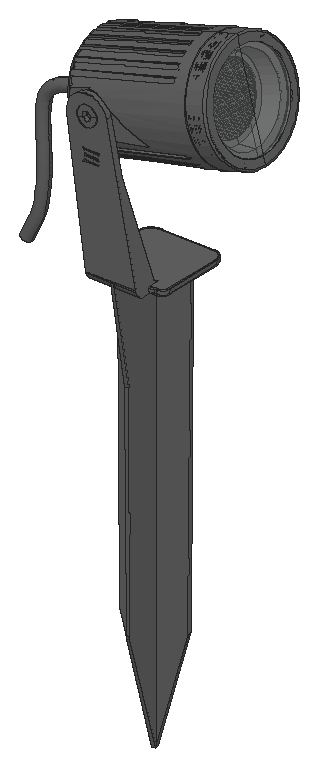
Revit family "STL23765_30 - 15°", category Luminárias, Revit 2023 (continued)
Forms (m)
  Extrusion 35, void
    sketch origin (0.0918, 0, -0.037839) x (0.258819, 0, -0.965926) y (0, 1, 0)
      loop
        line (-0.131718, 0.0015) -> (-0.132483, 0.002825) -> (-0.134013, 0.002825) -> (-0.134778, 0.0015) -> (-0.134013, 0.000175) -> (-0.132483, 0.000175) -> (-0.131718, 0.0015)
      loop
        line (-0.147307, 0.0135) -> (-0.148072, 0.014825) -> (-0.149602, 0.014825) -> (-0.150367, 0.0135) -> (-0.149602, 0.012175) -> (-0.148072, 0.012175) -> (-0.147307, 0.0135)
      loop
        line (-0.144709, 0.012) -> (-0.145474, 0.013325) -> (-0.147004, 0.013325) -> (-0.147769, 0.012) -> (-0.147004, 0.010675) -> (-0.145474, 0.010675) -> (-0.144709, 0.012)
      loop
        line (-0.142111, 0.0105) -> (-0.142876, 0.011825) -> (-0.144406, 0.011825) -> (-0.145171, 0.0105) -> (-0.144406, 0.009175) -> (-0.142876, 0.009175) -> (-0.142111, 0.0105)
      loop
        line (-0.139513, 0.009) -> (-0.140278, 0.010325) -> (-0.141808, 0.010325) -> (-0.142573, 0.009) -> (-0.141808, 0.007675) -> (-0.140278, 0.007675) -> (-0.139513, 0.009)
      loop
        line (-0.136915, 0.0075) -> (-0.13768, 0.008825) -> (-0.13921, 0.008825) -> (-0.139975, 0.0075) -> (-0.13921, 0.006175) -> (-0.13768, 0.006175) -> (-0.136915, 0.0075)
      loop
        line (-0.134316, 0.006) -> (-0.135081, 0.007325) -> (-0.136611, 0.007325) -> (-0.137376, 0.006) -> (-0.136611, 0.004675) -> (-0.135081, 0.004675) -> (-0.134316, 0.006)
      loop
        line (-0.131715, 0.004498) -> (-0.13248, 0.005823) -> (-0.13401, 0.005823) -> (-0.134775, 0.004498) -> (-0.13401, 0.003173) -> (-0.13248, 0.003173) -> (-0.131715, 0.004498)
      loop
        line (-0.144709, 0.015) -> (-0.145474, 0.016325) -> (-0.147004, 0.016325) -> (-0.147769, 0.015) -> (-0.147004, 0.013675) -> (-0.145474, 0.013675) -> (-0.144709, 0.015)
      loop
        line (-0.142111, 0.0135) -> (-0.142876, 0.014825) -> (-0.144406, 0.014825) -> (-0.145171, 0.0135) -> (-0.144406, 0.012175) -> (-0.142876, 0.012175) -> (-0.142111, 0.0135)
      loop
        line (-0.139513, 0.012) -> (-0.140278, 0.013325) -> (-0.141808, 0.013325) -> (-0.142573, 0.012) -> (-0.141808, 0.010675) -> (-0.140278, 0.010675) -> (-0.139513, 0.012)
      loop
        line (-0.136915, 0.0105) -> (-0.13768, 0.011825) -> (-0.13921, 0.011825) -> (-0.139975, 0.0105) -> (-0.13921, 0.009175) -> (-0.13768, 0.009175) -> (-0.136915, 0.0105)
      loop
        line (-0.134316, 0.009) -> (-0.135081, 0.010325) -> (-0.136611, 0.010325) -> (-0.137376, 0.009) -> (-0.136611, 0.007675) -> (-0.135081, 0.007675) -> (-0.134316, 0.009)
      loop
        line (-0.131715, 0.007498) -> (-0.13248, 0.008823) -> (-0.13401, 0.008823) -> (-0.134775, 0.007498) -> (-0.13401, 0.006173) -> (-0.13248, 0.006173) -> (-0.131715, 0.007498)
      loop
        line (-0.149909, 0.015002) -> (-0.150674, 0.016327) -> (-0.152204, 0.016327) -> (-0.152969, 0.015002) -> (-0.152204, 0.013677) -> (-0.150674, 0.013677) -> (-0.149909, 0.015002)
      loop
        line (-0.147307, 0.0165) -> (-0.148072, 0.017825) -> (-0.149602, 0.017825) -> (-0.150367, 0.0165) -> (-0.149602, 0.015175) -> (-0.148072, 0.015175) -> (-0.147307, 0.0165)
      loop
        line (-0.142111, 0.0165) -> (-0.142876, 0.017825) -> (-0.144406, 0.017825) -> (-0.145171, 0.0165) -> (-0.144406, 0.015175) -> (-0.142876, 0.015175) -> (-0.142111, 0.0165)
      loop
        line (-0.139513, 0.015) -> (-0.140278, 0.016325) -> (-0.141808, 0.016325) -> (-0.142573, 0.015) -> (-0.141808, 0.013675) -> (-0.140278, 0.013675) -> (-0.139513, 0.015)
      loop
        line (-0.144709, 0.018) -> (-0.145474, 0.019325) -> (-0.147004, 0.019325) -> (-0.147769, 0.018) -> (-0.147004, 0.016675) -> (-0.145474, 0.016675) -> (-0.144709, 0.018)
      loop
        line (-0.136915, 0.0135) -> (-0.137737, 0.014725) -> (-0.13921, 0.014825) -> (-0.139975, 0.0135) -> (-0.13921, 0.012175) -> (-0.13768, 0.012175) -> (-0.136915, 0.0135)
      loop
        line (-0.134316, 0.012) -> (-0.135081, 0.013325) -> (-0.136611, 0.013325) -> (-0.137376, 0.012) -> (-0.136611, 0.010675) -> (-0.135081, 0.010675) -> (-0.134316, 0.012)
      loop
        line (-0.131718, 0.0105) -> (-0.132483, 0.011825) -> (-0.134013, 0.011825) -> (-0.134778, 0.0105) -> (-0.134013, 0.009175) -> (-0.132483, 0.009175) -> (-0.131718, 0.0105)
      loop
        line (-0.129113, 0.005996) -> (-0.129878, 0.007321) -> (-0.131408, 0.007321) -> (-0.132173, 0.005996) -> (-0.131408, 0.004671) -> (-0.129878, 0.004671) -> (-0.129113, 0.005996)
      loop
        line (-0.129113, 0.002996) -> (-0.129878, 0.004321) -> (-0.131408, 0.004321) -> (-0.132173, 0.002996) -> (-0.131408, 0.001671) -> (-0.129878, 0.001671) -> (-0.129113, 0.002996)
      loop
        line (-0.129254, -0.000036) -> (-0.129885, 0.001325) -> (-0.131415, 0.001325) -> (-0.13218, 0) -> (-0.131415, -0.001325) -> (-0.129885, -0.001325) -> (-0.129254, -0.000036)
      loop
        line (-0.12912, -0.003) -> (-0.129885, -0.001675) -> (-0.131415, -0.001675) -> (-0.13218, -0.003) -> (-0.131415, -0.004325) -> (-0.129885, -0.004325) -> (-0.12912, -0.003)
      loop
        line (-0.12912, -0.006) -> (-0.129885, -0.004675) -> (-0.131415, -0.004675) -> (-0.13218, -0.006) -> (-0.131415, -0.007325) -> (-0.129885, -0.007325) -> (-0.12912, -0.006)
      loop
        line (-0.12912, 0.009) -> (-0.129885, 0.010325) -> (-0.131415, 0.010325) -> (-0.13218, 0.009) -> (-0.131415, 0.007675) -> (-0.129885, 0.007675) -> (-0.12912, 0.009)
      loop
        line (-0.152503, 0.0135) -> (-0.153268, 0.014825) -> (-0.154776, 0.014743) -> (-0.155563, 0.0135) -> (-0.154798, 0.012175) -> (-0.153268, 0.012175) -> (-0.152503, 0.0135)
      loop
        line (-0.155101, 0.012) -> (-0.155866, 0.013325) -> (-0.157396, 0.013325) -> (-0.158161, 0.012) -> (-0.157396, 0.010675) -> (-0.155866, 0.010675) -> (-0.155101, 0.012)
      loop
        line (-0.157699, 0.0105) -> (-0.158464, 0.011825) -> (-0.159994, 0.011825) -> (-0.160759, 0.0105) -> (-0.159994, 0.009175) -> (-0.158464, 0.009175) -> (-0.157699, 0.0105)
      loop
        line (-0.160297, 0.009) -> (-0.161062, 0.010325) -> (-0.162592, 0.010325) -> (-0.163357, 0.009) -> (-0.162592, 0.007675) -> (-0.161062, 0.007675) -> (-0.160297, 0.009)
      loop
        line (-0.160297, 0.006) -> (-0.161062, 0.007325) -> (-0.162592, 0.007325) -> (-0.163357, 0.006) -> (-0.162592, 0.004675) -> (-0.161062, 0.004675) -> (-0.160297, 0.006)
      loop
        line (-0.160297, 0.003) -> (-0.161062, 0.004325) -> (-0.162592, 0.004325) -> (-0.163357, 0.003) -> (-0.162592, 0.001675) -> (-0.161062, 0.001675) -> (-0.160297, 0.003)
      loop
        line (-0.160297, 0) -> (-0.161062, 0.001325) -> (-0.162592, 0.001325) -> (-0.163225, 0) -> (-0.162592, -0.001325) -> (-0.161062, -0.001325) -> (-0.160297, 0)
      loop
        line (-0.160297, -0.003) -> (-0.161062, -0.001675) -> (-0.162592, -0.001675) -> (-0.163357, -0.003) -> (-0.162592, -0.004325) -> (-0.161062, -0.004325) -> (-0.160297, -0.003)
      loop
        line (-0.160297, -0.006) -> (-0.161062, -0.004675) -> (-0.162592, -0.004675) -> (-0.163357, -0.006) -> (-0.162592, -0.007325) -> (-0.161062, -0.007325) -> (-0.160297, -0.006)
      loop
        line (-0.152511, 0.016504) -> (-0.153276, 0.017829) -> (-0.154806, 0.017829) -> (-0.155571, 0.016504) -> (-0.154806, 0.015179) -> (-0.153276, 0.015179) -> (-0.152511, 0.016504)
      loop
        line (-0.155101, 0.015) -> (-0.155866, 0.016325) -> (-0.157396, 0.016325) -> (-0.158161, 0.015) -> (-0.157396, 0.013675) -> (-0.155866, 0.013675) -> (-0.155101, 0.015)
      loop
        line (-0.162895, 0.0015) -> (-0.16366, 0.002825) -> (-0.16519, 0.002825) -> (-0.165955, 0.0015) -> (-0.16519, 0.000175) -> (-0.16366, 0.000175) -> (-0.162895, 0.0015)
      loop
        line (-0.162895, -0.0015) -> (-0.16366, -0.000175) -> (-0.16519, -0.000175) -> (-0.165955, -0.0015) -> (-0.16519, -0.002825) -> (-0.16366, -0.002825) -> (-0.162895, -0.0015)
      loop
        line (-0.136915, 0.0165) -> (-0.13768, 0.017825) -> (-0.13921, 0.017825) -> (-0.139974, 0.0165) -> (-0.13921, 0.015175) -> (-0.13768, 0.015175) -> (-0.136915, 0.0165)
      loop
        line (-0.134316, 0.015) -> (-0.135081, 0.016325) -> (-0.136611, 0.016325) -> (-0.137376, 0.015) -> (-0.136611, 0.013675) -> (-0.135081, 0.013675) -> (-0.134316, 0.015)
      loop
        line (-0.126511, 0.001493) -> (-0.127276, 0.002818) -> (-0.128806, 0.002818) -> (-0.129571, 0.001493) -> (-0.128806, 0.000168) -> (-0.127276, 0.000168) -> (-0.126511, 0.001493)
      loop
        line (-0.126522, -0.0015) -> (-0.127287, -0.000175) -> (-0.128817, -0.000175) -> (-0.129582, -0.0015) -> (-0.128817, -0.002825) -> (-0.127287, -0.002825) -> (-0.126522, -0.0015)
      loop
        line (-0.12912, -0.009) -> (-0.129885, -0.007675) -> (-0.131415, -0.007675) -> (-0.13218, -0.009) -> (-0.131415, -0.010325) -> (-0.129885, -0.010325) -> (-0.12912, -0.009)
      loop
        line (-0.131718, -0.0105) -> (-0.132483, -0.009175) -> (-0.134013, -0.009175) -> (-0.134778, -0.0105) -> (-0.134013, -0.011825) -> (-0.132483, -0.011825) -> (-0.131718, -0.0105)
      loop
        line (-0.134317, -0.012) -> (-0.135082, -0.010675) -> (-0.136611, -0.010675) -> (-0.137376, -0.012) -> (-0.136612, -0.013325) -> (-0.135082, -0.013325) -> (-0.134317, -0.012)
      loop
        line (-0.136915, -0.0135) -> (-0.13768, -0.012175) -> (-0.13921, -0.012175) -> (-0.139975, -0.0135) -> (-0.13921, -0.014825) -> (-0.13773, -0.014738) -> (-0.136915, -0.0135)
      loop
        line (-0.139513, -0.015) -> (-0.140278, -0.013675) -> (-0.141808, -0.013675) -> (-0.142573, -0.015) -> (-0.141808, -0.016325) -> (-0.140278, -0.016325) -> (-0.139513, -0.015)
      loop
        line (-0.142111, -0.0165) -> (-0.142876, -0.015175) -> (-0.144406, -0.015175) -> (-0.145171, -0.0165) -> (-0.144406, -0.017825) -> (-0.142876, -0.017825) -> (-0.142111, -0.0165)
      loop
        line (-0.136915, -0.0165) -> (-0.13768, -0.015175) -> (-0.13921, -0.015175) -> (-0.139975, -0.0165) -> (-0.13921, -0.017825) -> (-0.13768, -0.017825) -> (-0.136915, -0.0165)
      loop
        line (-0.134317, -0.015) -> (-0.135082, -0.013675) -> (-0.136612, -0.013675) -> (-0.137376, -0.015) -> (-0.136612, -0.016325) -> (-0.135082, -0.016325) -> (-0.134317, -0.015)
      loop
        line (-0.155101, -0.012) -> (-0.155866, -0.010675) -> (-0.157396, -0.010675) -> (-0.158161, -0.012) -> (-0.157396, -0.013325) -> (-0.155866, -0.013325) -> (-0.155101, -0.012)
      loop
        line (-0.152503, -0.0135) -> (-0.153268, -0.012175) -> (-0.154798, -0.012175) -> (-0.155563, -0.0135) -> (-0.15475, -0.014741) -> (-0.153268, -0.014825) -> (-0.152503, -0.0135)
      loop
        line (-0.155101, -0.015) -> (-0.155866, -0.013675) -> (-0.157396, -0.013675) -> (-0.158161, -0.015) -> (-0.157396, -0.016325) -> (-0.155866, -0.016325) -> (-0.155101, -0.015)
      loop
        line (-0.157699, -0.0105) -> (-0.158464, -0.009175) -> (-0.159994, -0.009175) -> (-0.160759, -0.0105) -> (-0.159994, -0.011825) -> (-0.158464, -0.011825) -> (-0.157699, -0.0105)
      loop
        line (-0.160297, -0.009) -> (-0.161062, -0.007675) -> (-0.162592, -0.007675) -> (-0.163357, -0.009) -> (-0.162592, -0.010325) -> (-0.161062, -0.010325) -> (-0.160297, -0.009)
      loop
        line (-0.149905, -0.015) -> (-0.15067, -0.013675) -> (-0.1522, -0.013675) -> (-0.152965, -0.015) -> (-0.1522, -0.016325) -> (-0.15067, -0.016325) -> (-0.149905, -0.015)
      loop
        line (-0.147307, -0.0165) -> (-0.148072, -0.015175) -> (-0.149602, -0.015175) -> (-0.150367, -0.0165) -> (-0.149602, -0.017825) -> (-0.148072, -0.017825) -> (-0.147307, -0.0165)
      loop
        line (-0.144709, -0.018) -> (-0.145474, -0.016675) -> (-0.147004, -0.016675) -> (-0.147769, -0.018) -> (-0.147004, -0.019325) -> (-0.145474, -0.019325) -> (-0.144709, -0.018)
      loop
        line (-0.152503, -0.0165) -> (-0.153268, -0.015175) -> (-0.154798, -0.015175) -> (-0.155563, -0.0165) -> (-0.154798, -0.017825) -> (-0.153268, -0.017825) -> (-0.152503, -0.0165)
      loop
        line (-0.162895, 0.0075) -> (-0.16366, 0.008825) -> (-0.16519, 0.008825) -> (-0.165955, 0.0075) -> (-0.16519, 0.006175) -> (-0.16366, 0.006175) -> (-0.162895, 0.0075)
      loop
        line (-0.162895, 0.0045) -> (-0.16366, 0.005825) -> (-0.16519, 0.005825) -> (-0.165955, 0.0045) -> (-0.16519, 0.003175) -> (-0.16366, 0.003175) -> (-0.162895, 0.0045)
      loop
        line (-0.162895, -0.0045) -> (-0.16366, -0.003175) -> (-0.16519, -0.003175) -> (-0.165955, -0.0045) -> (-0.16519, -0.005825) -> (-0.16366, -0.005825) -> (-0.162895, -0.0045)
      loop
        line (-0.162895, -0.0075) -> (-0.16366, -0.006175) -> (-0.16519, -0.006175) -> (-0.165955, -0.0075) -> (-0.16519, -0.008825) -> (-0.16366, -0.008825) -> (-0.162895, -0.0075)
      loop
        line (-0.126522, -0.0045) -> (-0.127287, -0.003175) -> (-0.128817, -0.003175) -> (-0.129582, -0.0045) -> (-0.128817, -0.005825) -> (-0.127287, -0.005825) -> (-0.126522, -0.0045)
      loop
        line (-0.126522, -0.0075) -> (-0.127287, -0.006175) -> (-0.128817, -0.006175) -> (-0.129582, -0.0075) -> (-0.128817, -0.008825) -> (-0.127287, -0.008825) -> (-0.126522, -0.0075)
      loop
        line (-0.160297, 0.012) -> (-0.161062, 0.013325) -> (-0.162592, 0.013325) -> (-0.163357, 0.012) -> (-0.162592, 0.010675) -> (-0.161062, 0.010675) -> (-0.160297, 0.012)
      loop
        line (-0.160297, -0.012) -> (-0.161062, -0.010675) -> (-0.162592, -0.010675) -> (-0.163357, -0.012) -> (-0.162592, -0.013325) -> (-0.161062, -0.013325) -> (-0.160297, -0.012)
      loop
        line (-0.157699, -0.0135) -> (-0.158464, -0.012175) -> (-0.159994, -0.012175) -> (-0.160759, -0.0135) -> (-0.159994, -0.014825) -> (-0.158464, -0.014825) -> (-0.157699, -0.0135)
      loop
        line (-0.157699, 0.0135) -> (-0.158464, 0.014825) -> (-0.159994, 0.014825) -> (-0.160759, 0.0135) -> (-0.159994, 0.012175) -> (-0.158464, 0.012175) -> (-0.157699, 0.0135)
      loop
        line (-0.131718, 0.0135) -> (-0.132483, 0.014825) -> (-0.134013, 0.014825) -> (-0.134778, 0.0135) -> (-0.134013, 0.012175) -> (-0.132483, 0.012175) -> (-0.131718, 0.0135)
      loop
        line (-0.131718, -0.0135) -> (-0.132483, -0.012175) -> (-0.134013, -0.012175) -> (-0.134778, -0.0135) -> (-0.134013, -0.014825) -> (-0.132483, -0.014825) -> (-0.131718, -0.0135)
      loop
        line (-0.126511, 0.004493) -> (-0.127276, 0.005818) -> (-0.128806, 0.005818) -> (-0.129571, 0.004493) -> (-0.128806, 0.003168) -> (-0.127276, 0.003168) -> (-0.126511, 0.004493)
      loop
        line (-0.126511, 0.007493) -> (-0.127276, 0.008818) -> (-0.128806, 0.008818) -> (-0.129571, 0.007493) -> (-0.128806, 0.006168) -> (-0.127276, 0.006168) -> (-0.126511, 0.007493)
      loop
        line (-0.12912, 0.012) -> (-0.129885, 0.013325) -> (-0.131415, 0.013325) -> (-0.13218, 0.012) -> (-0.131415, 0.010675) -> (-0.129885, 0.010675) -> (-0.12912, 0.012)
      loop
        line (-0.12912, -0.012) -> (-0.129885, -0.010675) -> (-0.131415, -0.010675) -> (-0.13218, -0.012) -> (-0.131415, -0.013325) -> (-0.129885, -0.013325) -> (-0.12912, -0.012)
      loop
        line (-0.139513, -0.018) -> (-0.140278, -0.016675) -> (-0.141808, -0.016675) -> (-0.142573, -0.018) -> (-0.141808, -0.019325) -> (-0.140278, -0.019325) -> (-0.139513, -0.018)
      loop
        line (-0.149905, -0.018) -> (-0.15067, -0.016675) -> (-0.1522, -0.016675) -> (-0.152965, -0.018) -> (-0.1522, -0.019325) -> (-0.15067, -0.019325) -> (-0.149905, -0.018)
      loop
        line (-0.147307, -0.0195) -> (-0.148072, -0.018175) -> (-0.149602, -0.018175) -> (-0.150367, -0.0195) -> (-0.149602, -0.020825) -> (-0.148072, -0.020825) -> (-0.147307, -0.0195)
      loop
        line (-0.142111, -0.0195) -> (-0.142876, -0.018175) -> (-0.144406, -0.018175) -> (-0.145171, -0.0195) -> (-0.144406, -0.020825) -> (-0.142876, -0.020825) -> (-0.142111, -0.0195)
      loop
        line (-0.149909, 0.018002) -> (-0.150674, 0.019327) -> (-0.152204, 0.019327) -> (-0.152969, 0.018002) -> (-0.152204, 0.016677) -> (-0.150674, 0.016677) -> (-0.149909, 0.018002)
      loop
        line (-0.147311, 0.019502) -> (-0.148076, 0.020827) -> (-0.149606, 0.020827) -> (-0.150371, 0.019502) -> (-0.149606, 0.018177) -> (-0.148076, 0.018177) -> (-0.147311, 0.019502)
      loop
        line (-0.142114, 0.019502) -> (-0.142879, 0.020827) -> (-0.144409, 0.020827) -> (-0.145174, 0.019502) -> (-0.144409, 0.018177) -> (-0.142879, 0.018177) -> (-0.142114, 0.019502)
      loop
        line (-0.139516, 0.018002) -> (-0.140281, 0.019327) -> (-0.141811, 0.019327) -> (-0.142576, 0.018002) -> (-0.141811, 0.016677) -> (-0.140281, 0.016677) -> (-0.139516, 0.018002)
      loop
        line (-0.144709, 0.021004) -> (-0.145474, 0.022329) -> (-0.147004, 0.022329) -> (-0.147769, 0.021004) -> (-0.147004, 0.019679) -> (-0.145474, 0.019679) -> (-0.144709, 0.021004)
      loop
        line (-0.144709, -0.021) -> (-0.145474, -0.019675) -> (-0.147004, -0.019675) -> (-0.147769, -0.021) -> (-0.147004, -0.022325) -> (-0.145474, -0.022325) -> (-0.144709, -0.021)
      loop
        line (-0.142573, -0.021) -> (-0.141808, -0.022325) -> (-0.140278, -0.022325) -> (-0.139513, -0.021) -> (-0.140278, -0.019675) -> (-0.141808, -0.019675) -> (-0.142573, -0.021)
      loop
        line (-0.149905, -0.021) -> (-0.15067, -0.019675) -> (-0.1522, -0.019675) -> (-0.152965, -0.021) -> (-0.1522, -0.022325) -> (-0.15067, -0.022325) -> (-0.149905, -0.021)
      loop
        line (-0.147307, -0.0225) -> (-0.148072, -0.021175) -> (-0.149602, -0.021175) -> (-0.150367, -0.0225) -> (-0.149602, -0.023825) -> (-0.148072, -0.023825) -> (-0.147307, -0.0225)
      loop
        line (-0.142111, -0.0225) -> (-0.142876, -0.021175) -> (-0.144406, -0.021175) -> (-0.145171, -0.0225) -> (-0.144406, -0.023825) -> (-0.142876, -0.023825) -> (-0.142111, -0.0225)
      loop
        line (-0.142573, 0.021) -> (-0.141808, 0.019675) -> (-0.140278, 0.019675) -> (-0.139513, 0.021) -> (-0.140278, 0.022325) -> (-0.141808, 0.022325) -> (-0.142573, 0.021)
      loop
        line (-0.149905, 0.021) -> (-0.15067, 0.022325) -> (-0.1522, 0.022325) -> (-0.152965, 0.021) -> (-0.1522, 0.019675) -> (-0.15067, 0.019675) -> (-0.149905, 0.021)
      loop
        line (-0.147307, 0.0225) -> (-0.148072, 0.023825) -> (-0.149602, 0.023825) -> (-0.150367, 0.0225) -> (-0.149602, 0.021175) -> (-0.148072, 0.021175) -> (-0.147307, 0.0225)
      loop
        line (-0.142111, 0.0225) -> (-0.142876, 0.023825) -> (-0.144406, 0.023825) -> (-0.145171, 0.0225) -> (-0.144406, 0.021175) -> (-0.142876, 0.021175) -> (-0.142111, 0.0225)
      loop
        line (-0.152511, 0.0195) -> (-0.153276, 0.020825) -> (-0.154806, 0.020825) -> (-0.155571, 0.0195) -> (-0.154806, 0.018175) -> (-0.153276, 0.018175) -> (-0.152511, 0.0195)
      loop
        line (-0.136915, 0.019504) -> (-0.13768, 0.020829) -> (-0.13921, 0.020829) -> (-0.139974, 0.019504) -> (-0.13921, 0.018179) -> (-0.13768, 0.018179) -> (-0.136915, 0.019504)
      loop
        line (-0.136915, -0.0195) -> (-0.13768, -0.018175) -> (-0.13921, -0.018175) -> (-0.139975, -0.0195) -> (-0.13921, -0.020825) -> (-0.13768, -0.020825) -> (-0.136915, -0.0195)
      loop
        line (-0.152503, -0.0195) -> (-0.153268, -0.018175) -> (-0.154798, -0.018175) -> (-0.155563, -0.0195) -> (-0.154798, -0.020825) -> (-0.153268, -0.020825) -> (-0.152503, -0.0195)
      loop
        line (-0.137376, -0.018) -> (-0.136612, -0.019325) -> (-0.135082, -0.019325) -> (-0.134317, -0.018) -> (-0.135082, -0.016675) -> (-0.136612, -0.016675) -> (-0.137376, -0.018)
      loop
        line (-0.155101, -0.018) -> (-0.155866, -0.016675) -> (-0.157396, -0.016675) -> (-0.158161, -0.018) -> (-0.157396, -0.019325) -> (-0.155866, -0.019325) -> (-0.155101, -0.018)
      loop
        line (-0.155101, 0.018) -> (-0.155866, 0.019325) -> (-0.157396, 0.019325) -> (-0.158161, 0.018) -> (-0.157396, 0.016675) -> (-0.155866, 0.016675) -> (-0.155101, 0.018)
      loop
        line (-0.137376, 0.018) -> (-0.136611, 0.016675) -> (-0.135081, 0.016675) -> (-0.134316, 0.018) -> (-0.135081, 0.019325) -> (-0.136611, 0.019325) -> (-0.137376, 0.018)
      loop
        line (-0.157699, 0.0165) -> (-0.158464, 0.017825) -> (-0.159994, 0.017825) -> (-0.160759, 0.0165) -> (-0.159994, 0.015175) -> (-0.158464, 0.015175) -> (-0.157699, 0.0165)
      loop
        line (-0.131718, 0.0165) -> (-0.132483, 0.017825) -> (-0.134013, 0.017825) -> (-0.134778, 0.0165) -> (-0.134013, 0.015175) -> (-0.132483, 0.015175) -> (-0.131718, 0.0165)
      loop
        line (-0.157699, -0.0165) -> (-0.158464, -0.015175) -> (-0.159994, -0.015175) -> (-0.160759, -0.0165) -> (-0.159994, -0.017825) -> (-0.158464, -0.017825) -> (-0.157699, -0.0165)
      loop
        line (-0.131718, -0.0165) -> (-0.132483, -0.015175) -> (-0.134013, -0.015175) -> (-0.134778, -0.0165) -> (-0.134013, -0.017825) -> (-0.132483, -0.017825) -> (-0.131718, -0.0165)
      loop
        line (-0.129582, 0.0105) -> (-0.128817, 0.009175) -> (-0.127287, 0.009175) -> (-0.126522, 0.0105) -> (-0.127287, 0.011825) -> (-0.128817, 0.011825) -> (-0.129582, 0.0105)
      loop
        line (-0.13218, 0.015) -> (-0.131415, 0.013675) -> (-0.129885, 0.013675) -> (-0.12912, 0.015) -> (-0.129885, 0.016325) -> (-0.131415, 0.016325) -> (-0.13218, 0.015)
      loop
        line (-0.160297, 0.015) -> (-0.161062, 0.016325) -> (-0.162592, 0.016325) -> (-0.163357, 0.015) -> (-0.162592, 0.013675) -> (-0.161062, 0.013675) -> (-0.160297, 0.015)
      loop
        line (-0.160297, -0.015) -> (-0.161062, -0.013675) -> (-0.162592, -0.013675) -> (-0.163357, -0.015) -> (-0.162592, -0.016325) -> (-0.161062, -0.016325) -> (-0.160297, -0.015)
      loop
        line (-0.129582, 0.0135) -> (-0.128817, 0.012175) -> (-0.127287, 0.012175) -> (-0.126522, 0.0135) -> (-0.127287, 0.014825) -> (-0.128817, 0.014825) -> (-0.129582, 0.0135)
      loop
        line (-0.165955, 0.0105) -> (-0.16519, 0.009175) -> (-0.16366, 0.009175) -> (-0.162895, 0.0105) -> (-0.16366, 0.011825) -> (-0.16519, 0.011825) -> (-0.165955, 0.0105)
      loop
        line (-0.165955, 0.0135) -> (-0.16519, 0.012175) -> (-0.16366, 0.012175) -> (-0.162895, 0.0135) -> (-0.16366, 0.014825) -> (-0.16519, 0.014825) -> (-0.165955, 0.0135)
      loop
        line (-0.165955, -0.0105) -> (-0.16519, -0.011825) -> (-0.16366, -0.011825) -> (-0.162895, -0.0105) -> (-0.16366, -0.009175) -> (-0.16519, -0.009175) -> (-0.165955, -0.0105)
      loop
        line (-0.165955, -0.0135) -> (-0.16519, -0.014825) -> (-0.16366, -0.014825) -> (-0.162895, -0.0135) -> (-0.16366, -0.012175) -> (-0.16519, -0.012175) -> (-0.165955, -0.0135)
      loop
        line (-0.126522, -0.0135) -> (-0.127287, -0.012175) -> (-0.128817, -0.012175) -> (-0.129582, -0.0135) -> (-0.128817, -0.014825) -> (-0.127287, -0.014825) -> (-0.126522, -0.0135)
      loop
        line (-0.13218, -0.015) -> (-0.131415, -0.016325) -> (-0.129885, -0.016325) -> (-0.12912, -0.015) -> (-0.129885, -0.013675) -> (-0.131415, -0.013675) -> (-0.13218, -0.015)
      loop
        line (-0.129582, -0.0105) -> (-0.128817, -0.011825) -> (-0.127287, -0.011825) -> (-0.126522, -0.0105) -> (-0.127287, -0.009175) -> (-0.128817, -0.009175) -> (-0.129582, -0.0105)
      loop
        line (-0.126969, 0.005996) -> (-0.126204, 0.004671) -> (-0.124674, 0.004671) -> (-0.123909, 0.005996) -> (-0.124674, 0.007321) -> (-0.126204, 0.007321) -> (-0.126969, 0.005996)
      loop
        line (-0.126969, 0.002996) -> (-0.126204, 0.001671) -> (-0.124674, 0.001671) -> (-0.123909, 0.002996) -> (-0.124674, 0.004321) -> (-0.126204, 0.004321) -> (-0.126969, 0.002996)
      loop
        line (-0.126828, -0.000036) -> (-0.126196, -0.001325) -> (-0.124666, -0.001325) -> (-0.123901, 0) -> (-0.124666, 0.001325) -> (-0.126196, 0.001325) -> (-0.126828, -0.000036)
      loop
        line (-0.126961, -0.003) -> (-0.126196, -0.004325) -> (-0.124666, -0.004325) -> (-0.123901, -0.003) -> (-0.124666, -0.001675) -> (-0.126196, -0.001675) -> (-0.126961, -0.003)
      loop
        line (-0.126961, -0.006) -> (-0.126196, -0.007325) -> (-0.124666, -0.007325) -> (-0.123901, -0.006) -> (-0.124666, -0.004675) -> (-0.126196, -0.004675) -> (-0.126961, -0.006)
      loop
        line (-0.126961, 0.009) -> (-0.126196, 0.007675) -> (-0.124666, 0.007675) -> (-0.123901, 0.009) -> (-0.124666, 0.010325) -> (-0.126196, 0.010325) -> (-0.126961, 0.009)
      loop
        line (-0.126961, -0.009) -> (-0.126196, -0.010325) -> (-0.124666, -0.010325) -> (-0.123901, -0.009) -> (-0.124666, -0.007675) -> (-0.126196, -0.007675) -> (-0.126961, -0.009)
      loop
        line (-0.168553, 0) -> (-0.167788, -0.001325) -> (-0.166258, -0.001325) -> (-0.165626, 0) -> (-0.166258, 0.001325) -> (-0.167788, 0.001325) -> (-0.168553, 0)
      loop
        line (-0.168553, 0.003) -> (-0.167788, 0.001675) -> (-0.166258, 0.001675) -> (-0.165493, 0.003) -> (-0.166258, 0.004325) -> (-0.167788, 0.004325) -> (-0.168553, 0.003)
      loop
        line (-0.168553, 0.006) -> (-0.167989, 0.004675) -> (-0.166258, 0.004675) -> (-0.165493, 0.006) -> (-0.166258, 0.007325) -> (-0.167788, 0.007325) -> (-0.168553, 0.006)
      loop
        line (-0.168553, 0.009) -> (-0.167788, 0.007675) -> (-0.166258, 0.007675) -> (-0.165493, 0.009) -> (-0.166258, 0.010325) -> (-0.167788, 0.010325) -> (-0.168553, 0.009)
      loop
        line (-0.168553, -0.003) -> (-0.167788, -0.004325) -> (-0.166258, -0.004325) -> (-0.165493, -0.003) -> (-0.166258, -0.001675) -> (-0.167788, -0.001675) -> (-0.168553, -0.003)
      loop
        line (-0.168553, -0.006) -> (-0.167788, -0.007325) -> (-0.166258, -0.007325) -> (-0.165493, -0.006) -> (-0.166258, -0.004675) -> (-0.167956, -0.004675) -> (-0.168553, -0.006)
      loop
        line (-0.168553, -0.009) -> (-0.167788, -0.010325) -> (-0.166258, -0.010325) -> (-0.165493, -0.009) -> (-0.166258, -0.007675) -> (-0.167788, -0.007675) -> (-0.168553, -0.009)
    from 0.0006 to 0.0036
  Revolve 36, solid, material "Al - Preto" <- "Estrutura"
    sketch origin (0.090858, 0, -0.038091) x (0.258819, 0, -0.965926) y (0.965926, 0, 0.258819)
      loop
        line (-0.168689, 0.000975) -> (-0.146239, 0.000975) -> (-0.146239, 0.004975) -> (-0.168689, 0.004975) -> (-0.168689, 0.000975)
      axis (-0.146239, 0.000975) -> (-0.146239, 0.004975)
    angle from 0 to 360
  Revolve 37, void
    sketch origin (0.090858, 0, -0.038091) x (0.258819, 0, -0.965926) y (0.965926, 0, 0.258819)
      loop
        line (-0.166389, 0.004575) -> (-0.168289, 0.004575) -> (-0.168289, 0.001375) -> (-0.166589, 0.001375) -> (-0.166589, 0.000575) -> (-0.146239, 0.000575) -> (-0.146239, 0.005375) -> (-0.166389, 0.005375) -> (-0.166389, 0.004575)
      axis (-0.146239, 0.000575) -> (-0.146239, 0.005375)
    angle from 0 to 360
  Extrusion 38, void
    sketch origin (0.0918, 0, -0.037839) x (0.258819, 0, -0.965926) y (0, 1, 0)
      loop
        circle (-0.146194, 0) r 0.021985
      loop
        line (-0.171139, 0.0249) -> (-0.171139, -0.0249) -> (-0.121339, -0.0249) -> (-0.121339, 0.0249) -> (-0.171139, 0.0249)
    from 0.0006 to 0.0036
  Sweep 39, solid, material "Al - Preto" <- "Estrutura"
    path origin (0.003871, -0.200681, -0.000027) x (0, 1, 0) y (-1, 0, 0)
      loop
        arc (0.175761, 0.003618) -> (0.176961, 0.004589) -> (0.177412, 0.006064) r 0.002639
        line (0.177412, 0.006064) -> (0.177412, 0.007655)
        arc (0.177412, 0.007655) -> (0.17873, 0.010837) -> (0.181912, 0.012155) r 0.0045
        line (0.181912, 0.012155) -> (0.217112, 0.012155)
        arc (0.217112, 0.012155) -> (0.222061, 0.010104) -> (0.224112, 0.005155) r 0.007
        line (0.224112, 0.005155) -> (0.224112, -0.027545)
        arc (0.224112, -0.027545) -> (0.222061, -0.032495) -> (0.217112, -0.034545) r 0.007
        line (0.217112, -0.034545) -> (0.181915, -0.034545)
        arc (0.181915, -0.034545) -> (0.178731, -0.033229) -> (0.177412, -0.030045) r 0.0045
        line (0.177412, -0.030045) -> (0.177412, -0.028455)
        arc (0.177412, -0.028455) -> (0.176965, -0.026893) -> (0.175761, -0.025803) r 0.002956
    profile origin (0.015067, 0.02343, -0.000027) x (0, 1, 0) y (0, 0, 1)
      loop
        arc (-0.0005, 0.000003) -> (-0.000146, 0.000149) -> (0, 0.000503) r 0.0005
        line (0, 0.000503) -> (0, 0.002703)
        arc (0, 0.002703) -> (-0.000146, 0.003056) -> (-0.0005, 0.003203) r 0.0005
        line (-0.0005, 0.003203) -> (-0.0005, 0.000003)
  Extrusion 40, solid, material "Al - Preto" <- "Estrutura"
    sketch origin (0.003871, -0.200681, -0.000027) x (0, 1, 0) y (-1, 0, 0)
      loop
        arc (0.181912, 0.011655) -> (0.179083, 0.010483) -> (0.177912, 0.007655) r 0.004
        line (0.177912, 0.007655) -> (0.177912, 0.006064)
        arc (0.177912, 0.006064) -> (0.177377, 0.004312) -> (0.175955, 0.003157) r 0.003139
        line (0.175955, 0.003157) -> (0.175955, -0.025341)
        arc (0.175955, -0.025341) -> (0.177382, -0.026616) -> (0.177912, -0.028455) r 0.003456
        line (0.177912, -0.028455) -> (0.177912, -0.030045)
        arc (0.177912, -0.030045) -> (0.179084, -0.032875) -> (0.181915, -0.034045) r 0.004
        line (0.181915, -0.034045) -> (0.217112, -0.034045)
        arc (0.217112, -0.034045) -> (0.221708, -0.032142) -> (0.223612, -0.027545) r 0.0065
        line (0.223612, -0.027545) -> (0.223612, 0.005155)
        arc (0.223612, 0.005155) -> (0.221708, 0.009751) -> (0.217112, 0.011655) r 0.0065
        line (0.217112, 0.011655) -> (0.181912, 0.011655)
    from 0.000003 to 0.003203
  Extrusion 41, solid, material "Al - Preto" <- "Estrutura"
    sketch origin (0.003871, -0.200681, -0.000027) x (0, 1, 0) y (-1, 0, 0)
      loop
        line (0.164849, 0.018669) -> (0.164849, -0.028178) -> (0.187096, -0.028178) -> (0.187096, 0.018669) -> (0.164849, 0.018669)
    from -0.001871 to 0.103371
  Extrusion 42, void
    sketch origin (0.003871, -0.200681, -0.001003) x (0, 1, 0) y (0, 0, 1)
      loop
        line (0.172561, 0.000978) -> (0.183976, 0.000978) -> (0.183976, 0.004178)
        arc (0.183976, 0.004178) -> (0.181738, 0.004996) -> (0.180542, 0.007058) r 0.0035
        line (0.180542, 0.007058) -> (0.170757, 0.061475) -> (0.170761, 0.092272) -> (0.170761, 0.101646)
        arc (0.170761, 0.101646) -> (0.170592, 0.102055) -> (0.170183, 0.102225) r 0.000579
        line (0.170183, 0.102225) -> (0.16814, 0.102225)
        arc (0.16814, 0.102225) -> (0.167731, 0.102055) -> (0.167561, 0.101646) r 0.000579
        line (0.167561, 0.101646) -> (0.167561, 0.005978)
        arc (0.167561, 0.005978) -> (0.167581, 0.005533) -> (0.16764, 0.005093) r 0.005
        arc (0.16764, 0.005093) -> (0.169354, 0.002142) -> (0.172561, 0.000978) r 0.005
      loop
        line (0.164849, 0.104347) -> (0.164849, -0.000896) -> (0.187096, -0.000896) -> (0.187096, 0.104347) -> (0.164849, 0.104347)
    from -0.018669 to 0.028178
  Extrusion 43, void
    sketch origin (-0.096129, -0.200681, -0.001003) x (-1, 0, 0) y (0, 0, 1)
      loop
        line (-0.126515, 0.000478) -> (-0.108151, 0.092214)
        arc (-0.108151, 0.092214) -> (-0.100189, 0.101376) -> (-0.088247, 0.0992) r 0.012261
        arc (-0.088247, 0.0992) -> (-0.084685, 0.09421) -> (-0.083984, 0.088119) r 0.012261
        line (-0.083984, 0.088119) -> (-0.096167, 0.000478) -> (-0.081018, 0.000478) -> (-0.081018, 0.103129) -> (-0.128491, 0.103129) -> (-0.128491, 0.000478) -> (-0.126515, 0.000478)
    from 0.166255 to 0.18493
  Extrusion 44, void
    sketch origin (-0.096129, -0.200681, -0.001003) x (-1, 0, 0) y (0, 0, 1)
      loop
        line (-0.098674, 0.004178) -> (-0.09041, 0.063626) -> (-0.111053, 0.063626) -> (-0.122953, 0.004178) -> (-0.098674, 0.004178)
    from 0.170753 to 0.184545
  Extrusion 45, solid, material "Al - Preto" <- "Estrutura"
    sketch origin (-0.096129, -0.200681, -0.001003) x (0, 1, 0) y (0, 0, 1)
      loop
        line (0.170761, 0.008178) -> (0.170761, 0.003194) -> (0.174761, 0.003194) -> (0.174761, 0.004178)
        arc (0.174761, 0.004178) -> (0.171933, 0.005349) -> (0.170761, 0.008178) r 0.004
    from 0.097967 to 0.123839
  Revolve 46, void
    sketch origin (0, -0.200681, -0.001003) x (0, 1, 0) y (0, 0, 1)
      loop
        line (0.170408, 0.093617) -> (0.168061, 0.095963) -> (0.167261, 0.095963) -> (0.167261, 0.089963) -> (0.171608, 0.089963) -> (0.171608, 0.093617) -> (0.170408, 0.093617)
      axis (0.167261, 0.089963) -> (0.171608, 0.089963)
    angle from 0 to 360
  Extrusion 47, solid, material "Al - Preto" <- "Estrutura"
    sketch origin (-0.096129, -0.200681, -0.001003) x (-1, 0, 0) y (0, 0, 1)
      loop
        circle (-0.096129, 0.089963) r 0.0105
      loop
        circle (-0.096129, 0.089963) r 0.009
    from 0.170761 to 0.171261
  Extrusion 48, solid, material "Al - Preto" <- "Estrutura"
    sketch origin (-0.096129, -0.200681, -0.001003) x (-1, 0, 0) y (0, 0, 1)
      loop
        arc (-0.0892, 0.000419) -> (-0.089044, 0.000784) -> (-0.088699, 0.000978) r 0.000616
        line (-0.088699, 0.000978) -> (-0.110197, 0.000978) -> (-0.110197, -0.259022) -> (-0.091052, -0.1923)
        arc (-0.091052, -0.1923) -> (-0.090919, -0.191658) -> (-0.09087, -0.191005) r 0.005011
        line (-0.09087, -0.191005) -> (-0.08931, -0.012202)
        arc (-0.08931, -0.012202) -> (-0.089506, -0.011722) -> (-0.089984, -0.011522) r 0.000674
        line (-0.089984, -0.011522) -> (-0.094984, -0.011522)
        arc (-0.094984, -0.011522) -> (-0.09601, -0.011341) -> (-0.096913, -0.01082) r 0.003
        arc (-0.096913, -0.01082) -> (-0.097703, -0.00979) -> (-0.097984, -0.008522) r 0.003
        line (-0.097984, -0.008522) -> (-0.097984, -0.004522)
        arc (-0.097984, -0.004522) -> (-0.094948, -0.001525) -> (-0.091519, -0.004064) r 0.003279
        line (-0.091519, -0.004064) -> (-0.091484, -0.005022)
        arc (-0.091484, -0.005022) -> (-0.091338, -0.005376) -> (-0.090984, -0.005522) r 0.0005
        line (-0.090984, -0.005522) -> (-0.089869, -0.005522)
        arc (-0.089869, -0.005522) -> (-0.089438, -0.005349) -> (-0.089246, -0.004926) r 0.000624
        line (-0.089246, -0.004926) -> (-0.0892, 0.000419)
      loop
        arc (-0.133695, 0.000978) -> (-0.133349, 0.000784) -> (-0.133194, 0.000419) r 0.000616
        line (-0.133194, 0.000419) -> (-0.131523, -0.191005)
        arc (-0.131523, -0.191005) -> (-0.131475, -0.191658) -> (-0.131341, -0.1923) r 0.005011
        line (-0.131341, -0.1923) -> (-0.112197, -0.259022) -> (-0.112197, 0.000978) -> (-0.133695, 0.000978)
    from 0.199112 to 0.201112
  Extrusion 49, solid, material "Al - Preto" <- "Estrutura"
    sketch origin (-0.096129, -0.200681, -0.001003) x (0, 1, 0) y (0, 0, 1)
      loop
        line (0.178608, -0.055944) -> (0.179786, -0.191006)
        arc (0.179786, -0.191006) -> (0.179838, -0.19168) -> (0.17998, -0.192341) r 0.005
        line (0.17998, -0.192341) -> (0.199112, -0.259022) -> (0.199112, 0.000978) -> (0.172551, 0.000978)
        arc (0.172551, 0.000978) -> (0.169343, 0.002142) -> (0.16763, 0.005093) r 0.005
        line (0.16763, 0.005093) -> (0.178608, -0.055944)
      loop
        arc (0.220243, -0.192341) -> (0.220385, -0.19168) -> (0.220437, -0.191006) r 0.005
        line (0.220437, -0.191006) -> (0.222107, 0.000395)
        arc (0.222107, 0.000395) -> (0.222245, 0.00076) -> (0.222608, 0.000978) r 0.000618
        line (0.222608, 0.000978) -> (0.201112, 0.000978) -> (0.201112, -0.259022) -> (0.220243, -0.192341)
    from 0.110197 to 0.112197
  Extrusion 50, solid, material "Al - Preto" <- "Estrutura"
    sketch origin (-0.096129, -0.200681, -0.000027) x (0, 1, 0) y (-1, 0, 0)
      loop
        line (0.199112, -0.110197) -> (0.199112, -0.112197) -> (0.201112, -0.112197) -> (0.201112, -0.110197) -> (0.199112, -0.110197)
    from -0.259997 to 0.000003
  Revolve 51, solid, material "Al - Preto" <- "Estrutura"
    sketch origin (0.070053, 0, 0.107732) x (0, 1, 0) y (0.965926, 0, 0.258819)
      loop
        line (-0.03312, -0.06674) -> (-0.03312, -0.072525) -> (-0.02312, -0.072525) -> (-0.02312, -0.070079) -> (-0.023586, -0.069424) -> (-0.024045, -0.070079) -> (-0.024511, -0.069424) -> (-0.02497, -0.070079) -> (-0.025436, -0.069424) -> (-0.025895, -0.070079) -> (-0.026361, -0.069424) -> (-0.02682, -0.070079) -> (-0.027284, -0.069427) -> (-0.029917, -0.069427) -> (-0.03232, -0.06674) -> (-0.03312, -0.06674)
      axis (-0.03312, -0.072525) -> (-0.02312, -0.072525)
    angle from 0 to 360
  Revolve 52, void
    sketch origin (0.070053, 0, 0.107732) x (0, 1, 0) y (0.965926, 0, 0.258819)
      loop
        line (-0.03312, -0.072525) -> (-0.02946, -0.072525) -> (-0.03062, -0.070515) -> (-0.03312, -0.070387) -> (-0.03312, -0.072525)
      axis (-0.03312, -0.072525) -> (-0.02946, -0.072525)
    angle from 0 to 360
  Extrusion 53, void
    sketch origin (0.070053, 0, 0.107732) x (0.258819, 0, -0.965926) y (0.965926, 0, 0.258819)
      loop
        line (-0.000668, -0.069846) -> (-0.002654, -0.071764) -> (-0.001986, -0.074442) -> (0.000668, -0.075203) -> (0.002654, -0.073286) -> (0.001986, -0.070607) -> (-0.000668, -0.069846)
    from 0.03062 to 0.03361
  Revolve 54, solid, material "Al - Preto" <- "Estrutura", not visible
    sketch origin (0, 0.1, 0.1) x (1, 0, 0) y (0, 0, 1)
      loop
        arc (-0.032099, -0.082115) -> (-0.031983, -0.082705) -> (-0.031679, -0.083225) r 0.0018
        line (-0.031679, -0.083225) -> (-0.027771, -0.087882)
        arc (-0.027771, -0.087882) -> (-0.027153, -0.088356) -> (-0.026392, -0.088525) r 0.0018
        line (-0.026392, -0.088525) -> (0, -0.088525) -> (0, -0.086325) -> (-0.026549, -0.086325)
        arc (-0.026549, -0.086325) -> (-0.027253, -0.086035) -> (-0.027549, -0.085333) r 0.001
        line (-0.027549, -0.085333) -> (-0.027889, -0.046389) -> (-0.029004, -0.046389) -> (-0.0294, -0.001025) -> (-0.0302, -0.001025) -> (-0.0302, -0.000027) -> (-0.031, -0.000027) -> (-0.031, 0.000975) -> (-0.0318, 0.000975) -> (-0.0318, -0.002025) -> (-0.033, -0.002025) -> (-0.032, -0.002581) -> (-0.033063, -0.003021) -> (-0.032, -0.003581) -> (-0.033063, -0.004021) -> (-0.032, -0.004581) -> (-0.033063, -0.005021) -> (-0.032, -0.005581) -> (-0.033063, -0.006021) -> (-0.032, -0.006581) -> (-0.033063, -0.007021) -> (-0.032, -0.007581) -> (-0.033, -0.007995) -> (-0.031874, -0.008529) -> (-0.032743, -0.008708) -> (-0.032743, -0.009525) -> (-0.034, -0.009525) -> (-0.032099, -0.082115)
      axis (0, 0.000975) -> (0, -0.088525)
    angle from 0 to 360
  Extrusion 55, void, not visible
    sketch origin (0, 0.1, 0.821647) x (1, 0, 0) y (0, 0, 1)
      loop
        line (-0.01308, -0.794236) -> (-0.012835, -0.803762) -> (0.012886, -0.803762) -> (0.015492, -0.760818) -> (-0.009303, -0.78496)
        arc (-0.009303, -0.78496) -> (-0.011284, -0.787473) -> (-0.012607, -0.790387) r 0.013291
        arc (-0.012607, -0.790387) -> (-0.01298, -0.792295) -> (-0.01308, -0.794236) r 0.013761
    from 0.029595 to 0.034
  Extrusion 56, void, not visible
    sketch origin (0, 0.1, 0.1) x (1, 0, 0) y (0, 0, 1)
      loop
        line (0.012886, -0.082115) -> (-0.012835, -0.082115)
        arc (-0.012835, -0.082115) -> (-0.012751, -0.082676) -> (-0.012604, -0.083225) r 0.00513
        arc (-0.012604, -0.083225) -> (0, -0.086236) -> (0.012604, -0.083225) r 0.027882
        arc (0.012604, -0.083225) -> (0.012764, -0.082674) -> (0.012886, -0.082115) r 0.008644
    from 0.029595 to 0.034
  Revolve 57, solid, material "Al - Preto" <- "Estrutura", not visible
    sketch origin (0, 0.1, 0.1) x (1, 0, 0) y (0, 0, 1)
      loop
        line (-0.023145, -0.011471) -> (-0.024921, -0.001015) -> (-0.0292, -0.001015) -> (-0.0292, -0.014539) -> (-0.0238, -0.042865) -> (-0.022565, -0.042865) -> (-0.0226, -0.012671) -> (-0.02, -0.012671) -> (-0.02, -0.011471) -> (-0.023145, -0.011471)
      axis (0, -0.042865) -> (0, -0.001015)
    angle from 0 to 360
  Sweep 58, void, not visible
    path origin (0.018454, 0.10194, 0.096316) x (-0.994533, -0.104423, 0) y (0, 0, -1)
      loop
        line (-0.019286, 0.011939) -> (-0.01498, 0.016138) -> (-0.013266, 0.08651)
    profile origin (0.035493, 0.103729, 0.082278) x (0.694296, 0.072899, -0.715988) y (0.104423, -0.994533, 0)
      loop
        spline (0.001134, -0.001607) -> (0.001144, -0.001473) -> (0.001154, -0.001339) -> (0.001163, -0.001206) -> (0.00117, -0.001072) -> (0.001177, -0.000938) -> (0.001183, -0.000804) -> (0.001188, -0.00067) -> (0.001192, -0.000536) -> (0.001195, -0.000402) -> (0.001198, -0.000268) -> (0.001199, -0.000134) -> (0.001199, 0)
        spline (0.001199, 0) -> (0.001199, 0.000134) -> (0.001198, 0.000268) -> (0.001195, 0.000402) -> (0.001192, 0.000536) -> (0.001188, 0.00067) -> (0.001183, 0.000804) -> (0.001177, 0.000938) -> (0.00117, 0.001072) -> (0.001163, 0.001206) -> (0.001154, 0.001339) -> (0.001144, 0.001473) -> (0.001134, 0.001607)
        line (0.001134, 0.001607) -> (-0.000403, 0.001703) -> (-0.001856, 0.001576)
        spline (-0.001856, 0.001576) -> (-0.001833, 0.001314) -> (-0.001814, 0.001052) -> (-0.0018, 0.000789) -> (-0.00179, 0.000526) -> (-0.001784, 0.000263) -> (-0.001782, 0) -> (-0.001784, -0.000263) -> (-0.00179, -0.000526) -> (-0.0018, -0.000789) -> (-0.001814, -0.001052) -> (-0.001833, -0.001314) -> (-0.001856, -0.001576)
        line (-0.001856, -0.001576) -> (-0.000403, -0.001703) -> (0.001134, -0.001607)
  Revolve 59, solid, material "Luminoso - 3000K" <- "Luminoso", not visible
    sketch origin (0, 0.1, 0.1) x (1, 0, 0) y (0, 0, 1)
      loop
        line (-0.019854, -0.016671) -> (-0.02245, -0.016671) -> (-0.02255, -0.018951) -> (-0.020738, -0.018951)
        arc (-0.020738, -0.018951) -> (-0.016066, -0.030152) -> (-0.009678, -0.040471) r 0.0763
        line (-0.009678, -0.040471) -> (-0.0088, -0.040471) -> (-0.0088, -0.028471) -> (0, -0.028471) -> (0, -0.02567) -> (-0.0025, -0.02567) -> (-0.0025, -0.02467) -> (-0.0051, -0.025393) -> (-0.0051, -0.023991)
        arc (-0.0051, -0.023991) -> (-0.005592, -0.023797) -> (-0.006083, -0.023599) r 0.095235
        arc (-0.006083, -0.023599) -> (-0.013109, -0.020414) -> (-0.019854, -0.016671) r 0.095235
      axis (0, -0.016671) -> (0, -0.040471)
    angle from 0 to 360
  Sweep 60, void, not visible
    path origin (0.017647, 0.105735, 0.096316) x (-0.951077, -0.308954, 0) y (0, 0, -1)
      loop
        line (-0.019286, 0.011939) -> (-0.01498, 0.016138) -> (-0.013266, 0.08651)
    profile origin (0.033942, 0.111029, 0.082278) x (0.663959, 0.215685, -0.715988) y (0.308954, -0.951077, 0)
      loop
        spline (0.001134, -0.001607) -> (0.001144, -0.001473) -> (0.001154, -0.001339) -> (0.001163, -0.001206) -> (0.00117, -0.001072) -> (0.001177, -0.000938) -> (0.001183, -0.000804) -> (0.001188, -0.00067) -> (0.001192, -0.000536) -> (0.001195, -0.000402) -> (0.001198, -0.000268) -> (0.001199, -0.000134) -> (0.001199, 0)
        spline (0.001199, 0) -> (0.001199, 0.000134) -> (0.001198, 0.000268) -> (0.001195, 0.000402) -> (0.001192, 0.000536) -> (0.001188, 0.00067) -> (0.001183, 0.000804) -> (0.001177, 0.000938) -> (0.00117, 0.001072) -> (0.001163, 0.001206) -> (0.001154, 0.001339) -> (0.001144, 0.001473) -> (0.001134, 0.001607)
        line (0.001134, 0.001607) -> (-0.000403, 0.001703) -> (-0.001856, 0.001576)
        spline (-0.001856, 0.001576) -> (-0.001833, 0.001314) -> (-0.001814, 0.001052) -> (-0.0018, 0.000789) -> (-0.00179, 0.000526) -> (-0.001784, 0.000263) -> (-0.001782, 0) -> (-0.001784, -0.000263) -> (-0.00179, -0.000526) -> (-0.0018, -0.000789) -> (-0.001814, -0.001052) -> (-0.001833, -0.001314) -> (-0.001856, -0.001576)
        line (-0.001856, -0.001576) -> (-0.000403, -0.001703) -> (0.001134, -0.001607)
  Sweep 61, void, not visible
    path origin (0.017647, 0.094265, 0.096316) x (-0.951077, 0.308954, 0) y (0, 0, 1)
      loop
        line (-0.019286, -0.011939) -> (-0.01498, -0.016138) -> (-0.013266, -0.08651)
    profile origin (0.033942, 0.088971, 0.082278) x (-0.663959, 0.215685, 0.715988) y (0.308954, 0.951077, 0)
      loop
        line (-0.001134, -0.001607) -> (0.000403, -0.001703) -> (0.001856, -0.001576)
        spline (0.001856, -0.001576) -> (0.001833, -0.001314) -> (0.001814, -0.001052) -> (0.0018, -0.000789) -> (0.00179, -0.000526) -> (0.001784, -0.000263) -> (0.001782, 0) -> (0.001784, 0.000263) -> (0.00179, 0.000526) -> (0.0018, 0.000789) -> (0.001814, 0.001052) -> (0.001833, 0.001314) -> (0.001856, 0.001576)
        line (0.001856, 0.001576) -> (0.000403, 0.001703) -> (-0.001134, 0.001607)
        spline (-0.001134, 0.001607) -> (-0.001144, 0.001473) -> (-0.001154, 0.001339) -> (-0.001163, 0.001206) -> (-0.00117, 0.001072) -> (-0.001177, 0.000938) -> (-0.001183, 0.000804) -> (-0.001188, 0.00067) -> (-0.001192, 0.000536) -> (-0.001195, 0.000402) -> (-0.001198, 0.000268) -> (-0.001199, 0.000134) -> (-0.001199, 0)
        spline (-0.001199, 0) -> (-0.001199, -0.000134) -> (-0.001198, -0.000268) -> (-0.001195, -0.000402) -> (-0.001192, -0.000536) -> (-0.001188, -0.00067) -> (-0.001183, -0.000804) -> (-0.001177, -0.000938) -> (-0.00117, -0.001072) -> (-0.001163, -0.001206) -> (-0.001154, -0.001339) -> (-0.001144, -0.001473) -> (-0.001134, -0.001607)
  Sweep 62, void, not visible
    path origin (0.018454, 0.09806, 0.096316) x (-0.994533, 0.104423, 0) y (0, 0, 1)
      loop
        line (-0.019286, -0.011939) -> (-0.01498, -0.016138) -> (-0.013266, -0.08651)
    profile origin (0.035493, 0.096271, 0.082278) x (-0.694296, 0.072899, 0.715988) y (0.104423, 0.994533, 0)
      loop
        line (-0.001134, -0.001607) -> (0.000403, -0.001703) -> (0.001856, -0.001576)
        spline (0.001856, -0.001576) -> (0.001833, -0.001314) -> (0.001814, -0.001052) -> (0.0018, -0.000789) -> (0.00179, -0.000526) -> (0.001784, -0.000263) -> (0.001782, 0) -> (0.001784, 0.000263) -> (0.00179, 0.000526) -> (0.0018, 0.000789) -> (0.001814, 0.001052) -> (0.001833, 0.001314) -> (0.001856, 0.001576)
        line (0.001856, 0.001576) -> (0.000403, 0.001703) -> (-0.001134, 0.001607)
        spline (-0.001134, 0.001607) -> (-0.001144, 0.001473) -> (-0.001154, 0.001339) -> (-0.001163, 0.001206) -> (-0.00117, 0.001072) -> (-0.001177, 0.000938) -> (-0.001183, 0.000804) -> (-0.001188, 0.00067) -> (-0.001192, 0.000536) -> (-0.001195, 0.000402) -> (-0.001198, 0.000268) -> (-0.001199, 0.000134) -> (-0.001199, 0)
        spline (-0.001199, 0) -> (-0.001199, -0.000134) -> (-0.001198, -0.000268) -> (-0.001195, -0.000402) -> (-0.001192, -0.000536) -> (-0.001188, -0.00067) -> (-0.001183, -0.000804) -> (-0.001177, -0.000938) -> (-0.00117, -0.001072) -> (-0.001163, -0.001206) -> (-0.001154, -0.001339) -> (-0.001144, -0.001473) -> (-0.001134, -0.001607)
  Sweep 63, void, not visible
    path origin (0.01607, 0.109278, 0.096316) x (-0.866093, -0.499884, 0) y (0, 0, -1)
      loop
        line (-0.019286, 0.011939) -> (-0.01498, 0.016138) -> (-0.013266, 0.08651)
    profile origin (0.030908, 0.117843, 0.082278) x (0.60463, 0.348975, -0.715988) y (0.499884, -0.866093, 0)
      loop
        spline (0.001134, -0.001607) -> (0.001144, -0.001473) -> (0.001154, -0.001339) -> (0.001163, -0.001206) -> (0.00117, -0.001072) -> (0.001177, -0.000938) -> (0.001183, -0.000804) -> (0.001188, -0.00067) -> (0.001192, -0.000536) -> (0.001195, -0.000402) -> (0.001198, -0.000268) -> (0.001199, -0.000134) -> (0.001199, 0)
        spline (0.001199, 0) -> (0.001199, 0.000134) -> (0.001198, 0.000268) -> (0.001195, 0.000402) -> (0.001192, 0.000536) -> (0.001188, 0.00067) -> (0.001183, 0.000804) -> (0.001177, 0.000938) -> (0.00117, 0.001072) -> (0.001163, 0.001206) -> (0.001154, 0.001339) -> (0.001144, 0.001473) -> (0.001134, 0.001607)
        line (0.001134, 0.001607) -> (-0.000403, 0.001703) -> (-0.001856, 0.001576)
        spline (-0.001856, 0.001576) -> (-0.001833, 0.001314) -> (-0.001814, 0.001052) -> (-0.0018, 0.000789) -> (-0.00179, 0.000526) -> (-0.001784, 0.000263) -> (-0.001782, 0) -> (-0.001784, -0.000263) -> (-0.00179, -0.000526) -> (-0.0018, -0.000789) -> (-0.001814, -0.001052) -> (-0.001833, -0.001314) -> (-0.001856, -0.001576)
        line (-0.001856, -0.001576) -> (-0.000403, -0.001703) -> (0.001134, -0.001607)
  Sweep 64, void, not visible
    path origin (0.01607, 0.090722, 0.096316) x (-0.866093, 0.499884, 0) y (0, 0, 1)
      loop
        line (-0.019286, -0.011939) -> (-0.01498, -0.016138) -> (-0.013266, -0.08651)
    profile origin (0.030908, 0.082157, 0.082278) x (-0.60463, 0.348975, 0.715988) y (0.499884, 0.866093, 0)
      loop
        line (-0.001134, -0.001607) -> (0.000403, -0.001703) -> (0.001856, -0.001576)
        spline (0.001856, -0.001576) -> (0.001833, -0.001314) -> (0.001814, -0.001052) -> (0.0018, -0.000789) -> (0.00179, -0.000526) -> (0.001784, -0.000263) -> (0.001782, 0) -> (0.001784, 0.000263) -> (0.00179, 0.000526) -> (0.0018, 0.000789) -> (0.001814, 0.001052) -> (0.001833, 0.001314) -> (0.001856, 0.001576)
        line (0.001856, 0.001576) -> (0.000403, 0.001703) -> (-0.001134, 0.001607)
        spline (-0.001134, 0.001607) -> (-0.001144, 0.001473) -> (-0.001154, 0.001339) -> (-0.001163, 0.001206) -> (-0.00117, 0.001072) -> (-0.001177, 0.000938) -> (-0.001183, 0.000804) -> (-0.001188, 0.00067) -> (-0.001192, 0.000536) -> (-0.001195, 0.000402) -> (-0.001198, 0.000268) -> (-0.001199, 0.000134) -> (-0.001199, 0)
        spline (-0.001199, 0) -> (-0.001199, -0.000134) -> (-0.001198, -0.000268) -> (-0.001195, -0.000402) -> (-0.001192, -0.000536) -> (-0.001188, -0.00067) -> (-0.001183, -0.000804) -> (-0.001177, -0.000938) -> (-0.00117, -0.001072) -> (-0.001163, -0.001206) -> (-0.001154, -0.001339) -> (-0.001144, -0.001473) -> (-0.001134, -0.001607)
  Sweep 65, void, not visible
    path origin (0.01379, 0.112416, 0.096316) x (-0.743253, -0.66901, 0) y (0, 0, -1)
      loop
        line (-0.019286, 0.011939) -> (-0.01498, 0.016138) -> (-0.013266, 0.08651)
    profile origin (0.026524, 0.123878, 0.082278) x (0.518874, 0.467045, -0.715988) y (0.66901, -0.743253, 0)
      loop
        spline (0.001134, -0.001607) -> (0.001144, -0.001473) -> (0.001154, -0.001339) -> (0.001163, -0.001206) -> (0.00117, -0.001072) -> (0.001177, -0.000938) -> (0.001183, -0.000804) -> (0.001188, -0.00067) -> (0.001192, -0.000536) -> (0.001195, -0.000402) -> (0.001198, -0.000268) -> (0.001199, -0.000134) -> (0.001199, 0)
        spline (0.001199, 0) -> (0.001199, 0.000134) -> (0.001198, 0.000268) -> (0.001195, 0.000402) -> (0.001192, 0.000536) -> (0.001188, 0.00067) -> (0.001183, 0.000804) -> (0.001177, 0.000938) -> (0.00117, 0.001072) -> (0.001163, 0.001206) -> (0.001154, 0.001339) -> (0.001144, 0.001473) -> (0.001134, 0.001607)
        line (0.001134, 0.001607) -> (-0.000403, 0.001703) -> (-0.001856, 0.001576)
        spline (-0.001856, 0.001576) -> (-0.001833, 0.001314) -> (-0.001814, 0.001052) -> (-0.0018, 0.000789) -> (-0.00179, 0.000526) -> (-0.001784, 0.000263) -> (-0.001782, 0) -> (-0.001784, -0.000263) -> (-0.00179, -0.000526) -> (-0.0018, -0.000789) -> (-0.001814, -0.001052) -> (-0.001833, -0.001314) -> (-0.001856, -0.001576)
        line (-0.001856, -0.001576) -> (-0.000403, -0.001703) -> (0.001134, -0.001607)
  Sweep 66, void, not visible
    path origin (0.010907, 0.115012, 0.096316) x (-0.587905, -0.80893, 0) y (0, 0, -1)
      loop
        line (-0.019286, 0.011939) -> (-0.01498, 0.016138) -> (-0.013266, 0.08651)
    profile origin (0.020979, 0.128871, 0.082278) x (0.410424, 0.564724, -0.715988) y (0.80893, -0.587905, 0)
      loop
        spline (0.001134, -0.001607) -> (0.001144, -0.001473) -> (0.001154, -0.001339) -> (0.001163, -0.001206) -> (0.00117, -0.001072) -> (0.001177, -0.000938) -> (0.001183, -0.000804) -> (0.001188, -0.00067) -> (0.001192, -0.000536) -> (0.001195, -0.000402) -> (0.001198, -0.000268) -> (0.001199, -0.000134) -> (0.001199, 0)
        spline (0.001199, 0) -> (0.001199, 0.000134) -> (0.001198, 0.000268) -> (0.001195, 0.000402) -> (0.001192, 0.000536) -> (0.001188, 0.00067) -> (0.001183, 0.000804) -> (0.001177, 0.000938) -> (0.00117, 0.001072) -> (0.001163, 0.001206) -> (0.001154, 0.001339) -> (0.001144, 0.001473) -> (0.001134, 0.001607)
        line (0.001134, 0.001607) -> (-0.000403, 0.001703) -> (-0.001856, 0.001576)
        spline (-0.001856, 0.001576) -> (-0.001833, 0.001314) -> (-0.001814, 0.001052) -> (-0.0018, 0.000789) -> (-0.00179, 0.000526) -> (-0.001784, 0.000263) -> (-0.001782, 0) -> (-0.001784, -0.000263) -> (-0.00179, -0.000526) -> (-0.0018, -0.000789) -> (-0.001814, -0.001052) -> (-0.001833, -0.001314) -> (-0.001856, -0.001576)
        line (-0.001856, -0.001576) -> (-0.000403, -0.001703) -> (0.001134, -0.001607)
  Sweep 67, void, not visible
    path origin (0.01379, 0.087584, 0.096316) x (-0.743253, 0.66901, 0) y (0, 0, 1)
      loop
        line (-0.019286, -0.011939) -> (-0.01498, -0.016138) -> (-0.013266, -0.08651)
    profile origin (0.026524, 0.076122, 0.082278) x (-0.518874, 0.467045, 0.715988) y (0.66901, 0.743253, 0)
      loop
        line (-0.001134, -0.001607) -> (0.000403, -0.001703) -> (0.001856, -0.001576)
        spline (0.001856, -0.001576) -> (0.001833, -0.001314) -> (0.001814, -0.001052) -> (0.0018, -0.000789) -> (0.00179, -0.000526) -> (0.001784, -0.000263) -> (0.001782, 0) -> (0.001784, 0.000263) -> (0.00179, 0.000526) -> (0.0018, 0.000789) -> (0.001814, 0.001052) -> (0.001833, 0.001314) -> (0.001856, 0.001576)
        line (0.001856, 0.001576) -> (0.000403, 0.001703) -> (-0.001134, 0.001607)
        spline (-0.001134, 0.001607) -> (-0.001144, 0.001473) -> (-0.001154, 0.001339) -> (-0.001163, 0.001206) -> (-0.00117, 0.001072) -> (-0.001177, 0.000938) -> (-0.001183, 0.000804) -> (-0.001188, 0.00067) -> (-0.001192, 0.000536) -> (-0.001195, 0.000402) -> (-0.001198, 0.000268) -> (-0.001199, 0.000134) -> (-0.001199, 0)
        spline (-0.001199, 0) -> (-0.001199, -0.000134) -> (-0.001198, -0.000268) -> (-0.001195, -0.000402) -> (-0.001192, -0.000536) -> (-0.001188, -0.00067) -> (-0.001183, -0.000804) -> (-0.001177, -0.000938) -> (-0.00117, -0.001072) -> (-0.001163, -0.001206) -> (-0.001154, -0.001339) -> (-0.001144, -0.001473) -> (-0.001134, -0.001607)
  Sweep 68, void, not visible
    path origin (0.010907, 0.084988, 0.096316) x (-0.587905, 0.80893, 0) y (0, 0, 1)
      loop
        line (-0.019286, -0.011939) -> (-0.01498, -0.016138) -> (-0.013266, -0.08651)
    profile origin (0.020979, 0.071129, 0.082278) x (-0.410424, 0.564724, 0.715988) y (0.80893, 0.587905, 0)
      loop
        line (-0.001134, -0.001607) -> (0.000403, -0.001703) -> (0.001856, -0.001576)
        spline (0.001856, -0.001576) -> (0.001833, -0.001314) -> (0.001814, -0.001052) -> (0.0018, -0.000789) -> (0.00179, -0.000526) -> (0.001784, -0.000263) -> (0.001782, 0) -> (0.001784, 0.000263) -> (0.00179, 0.000526) -> (0.0018, 0.000789) -> (0.001814, 0.001052) -> (0.001833, 0.001314) -> (0.001856, 0.001576)
        line (0.001856, 0.001576) -> (0.000403, 0.001703) -> (-0.001134, 0.001607)
        spline (-0.001134, 0.001607) -> (-0.001144, 0.001473) -> (-0.001154, 0.001339) -> (-0.001163, 0.001206) -> (-0.00117, 0.001072) -> (-0.001177, 0.000938) -> (-0.001183, 0.000804) -> (-0.001188, 0.00067) -> (-0.001192, 0.000536) -> (-0.001195, 0.000402) -> (-0.001198, 0.000268) -> (-0.001199, 0.000134) -> (-0.001199, 0)
        spline (-0.001199, 0) -> (-0.001199, -0.000134) -> (-0.001198, -0.000268) -> (-0.001195, -0.000402) -> (-0.001192, -0.000536) -> (-0.001188, -0.00067) -> (-0.001183, -0.000804) -> (-0.001177, -0.000938) -> (-0.00117, -0.001072) -> (-0.001163, -0.001206) -> (-0.001154, -0.001339) -> (-0.001144, -0.001473) -> (-0.001134, -0.001607)
  Sweep 69, void, not visible
    path origin (-0.018454, 0.10194, 0.096316) x (0.994533, -0.104423, 0) y (0, 0, 1)
      loop
        line (-0.019286, -0.011939) -> (-0.01498, -0.016138) -> (-0.013266, -0.08651)
